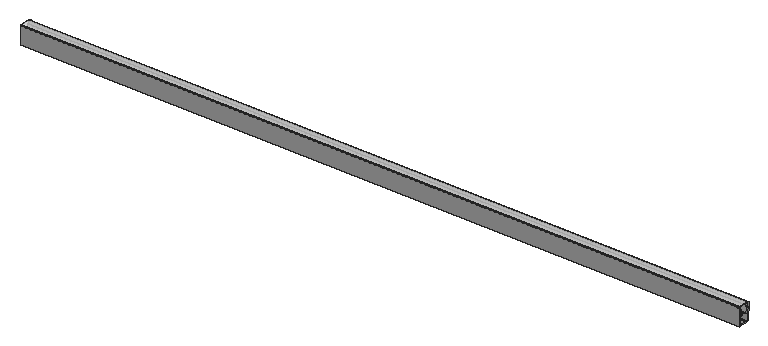
Revit family "2093125 Sylvania Lighting Fixture MC2 3-6M 3K DALI WHT OPAL Recessed", category Lighting Fixtures, host Face, Revit 2016
Family settings
  Host = Face
  Part Type = Normal
  Round Connector Dimension = Use Diameter
  OmniClass Number = 23.80.70.11.17
  OmniClass Title = Specialized Lighting by Location or Use
  Cut with Voids When Loaded = No
  Light Source = Yes
  Shared = No
  Room Calculation Point = No
Parameters (values of type "2093125 MC2 3.6M 3K DALI WHT OPAL Recessed")
  Width_SYL = 54.0 mm
  Weight = "7.5 kg"
  Wattage = 63 W
  WarrantyStartDate [instance] = "n/a"
  WarrantyGuarantorParts = "n/a"
  WarrantyDurationUnit = "n/a"
  WarrantyDurationParts = "n/a"
  WarrantyDescription = "n/a"
  built-in parameter 1150110 = 1 (stored number, unit not read)
  Voltage = 0 V
  VoidLengthRight_SYL [instance] = if(EndCapRight_SYL, Length_SYL / 2 + 2.0 mm, Length_SYL / 2)  # 1800.0 mm
  VoidLengthLeft_SYL [instance] = if(EndCapLeft_SYL, Length_SYL / 2 + 2.0 mm, Length_SYL / 2)  # 1800.0 mm
  URL = "http://www.sylvania-lighting.com"
  TypeName = "MC2 3.6M 3K DALI WHT OPAL Recessed"
  built-in parameter 1114217 = 1 (stored number, unit not read)
  Tilt Angle = -90.00°
  built-in parameter 1150109 = 1 (stored number, unit not read)
  built-in parameter 1150134 = (empty or 0)
  built-in parameter 1150113 = 1 (stored number, unit not read)
  SerialNumber [instance] = "n/a"
  PowerFactor = 0.98
  PowerConsumption = "63 W"
  NominalWidth = 0.0 mm
  NominalLength = 3600.0 mm
  NominalHeight = 86.0 mm
  Name = "MC2 3.6M 3K DALI WHT OPAL Recessed"
  ModelReference = "MC2 3.6M 3K DALI WHT OPAL Recessed"
  ModelNumber = "2093125"
  Material_3_SYL = Metal_Sylvania_Mini Contiuum II_Silver
  Photometric Web File = "2093125.ies"
  Material_4_SYL = Metal_Sylvania_Mini Contiuum II_Silver
  Material = "aluminium housing, polycarbonate diffuser"
  ManufacturerName = "Feilo Sylvania"
  LuminousEfficacy = "105 lm/W"
  LuminaireType = ""
  LightOutputRatio = "100"
  Length_SYL = 3600.0 mm
  LampsType = Lamp  # "LED"
  LampNominalLuminous = "6621 lm"
  LampMacAdamStep = "3"
  LampColourTemperature = "3000 K"
  LampColourRenderingIndex = "80"
  Keynote = "16500"
  InstallationDate [instance] = "n/a"
  InputVoltage = "n/a"
  InputNominalFrequency = "n/a"
  IngressProtection = "IP20"
  ImpactProtectionIndex = "n/a"
  IfcExportType = "IfcLightFixtureType"
  IfcExportAs = "IfcLightFixtureType"
  Height_SYL = 86.0 mm
  ExpectedLife = 50000
  EndCapRight_SYL [instance] = no
  EndCapLeft_SYL [instance] = no
  Emit from Rectangle Width = Width_SYL - 2.0 mm  # 52.0 mm
  Emit from Rectangle Length = Length_SYL  # 3600.0 mm
  Emit Shape Visible in Rendering = no
  ElectricShockClassification = "Class I"
  DurationUnit = "hours"
  DocumentationLiterature = "http://www.sylvania-lighting.com/product/en-int/products/2093125"
  DimmingControlOptions = "n/a"
  CreatedOn = "10/15/2018"
  CreatedBy = "@sylvania-lighting.com"
  built-in parameter 1114216 [instance] = 1 (stored number, unit not read)
  Model = "MC2 3.6M 3K DALI WHT OPAL Recessed"
  Manufacturer = "Feilo Sylvania"
  built-in parameter 1150105 = 526.4 (stored number, unit not read)
  Lumens = 6615 lm
  built-in parameter 1150115 = 1 (stored number, unit not read)
  built-in parameter 1150137 = (empty or 0)
  built-in parameter 1150139 = (empty or 0)
  built-in parameter 1150112 = 1 (stored number, unit not read)
  built-in parameter 1150114 = 1 (stored number, unit not read)
  Lamp = "LED"
  built-in parameter 1150132 = 2
  built-in parameter 1150102 = (empty or 0)
  built-in parameter 1150107 = 3000 (stored number, unit not read)
  built-in parameter 1150138 = (empty or 0)
  built-in parameter 1150106 = 5.264 (stored number, unit not read)
  Material_1_SYL = Metal_Sylvania_Mini Continuum II_White
  built-in parameter 1150104 = 9.7548 (stored number, unit not read)
  Dimming Lamp Color Temperature Shift = <None>
  Material_2_SYL = Polycarbonate_Sylvania_Mini Continuum II_Opal_4000K
  Description = "2093125   MC2 3.6M 3K DALI WHT OPAL  Continuous lines of LED light, white RAL 9016, direct distribution, trimless detail for a seamless finish, suitable for recessed, semi-recessed, surface-mounted or suspended installation either horizontally or vertically, various accessories available, compact and minimalist design based on the Golden Mean, ideal for offices, meeting rooms, corridors, education facilities, museums and libraries, extruded aluminium body, diffuser: opal, colour temperature: 3000K warm white, total system power: 63W, total fixture output: 6621lm, luminaire efficacy: 105lm/W, LOR: 100%, colour rendering: Ra >80, LED Chromacity: 1 step MacAdam ellipse, lifetime: 60,000 hours at 90% of the original output (L90), energy class: A++, A+, A, IR/UV free light source without heat radiation, operating voltage: 220-240V / 50-60Hz, drive current: 800mA, electronic driver, DALI dimmable, electrical protection: CLASS I, IP20, suitable for internal environment only."
  Default Elevation = 0.0 mm
  Color Filter = 16777215
  built-in parameter 1140040 [instance] = 1
  BarCode [instance] = "n/a"
  built-in parameter 1114218 = 1 (stored number, unit not read)
  built-in parameter 1150133 = 10 (stored number, unit not read)
  AssetType = "Fixed"
  AssetIdentifier [instance] = "n/a"
  Assembly Code = "D5020200"
  Apparent Load = 63 VA
Reference planes
  plane 1 "Center (Front/Back)": y = 0
  plane 2 "Bottom Fixtures": z = 0
  plane 3 "Center (Left/Right)": x = 0
  plane 4 "Fixture Left": x = -1800
  plane 5 "Fixture Right": x = 1800
  plane 6 "Fixture Bottom": z = 0
  plane 7: z = -2
  plane 8: z = -4
  plane 9: z = -13.049
  plane 10: z = -43.049
  plane 11 "Fixture Top": z = -86
  plane 12 "Mounting Right": x = 1772
  plane 13 "Mounting Left": x = -1772
  plane 14: z = -121
  plane 15: y = 27
  plane 16: y = -27
  plane 17: y = -26
  plane 18: y = -25
  plane 19: y = 26
  plane 20: y = 25
  plane 21: y = 11
  plane 22: y = -11
  plane 23: y = 24
  plane 24: y = 22
  plane 25: y = -22
  plane 26: y = 15
  plane 27: y = -15
  plane 28 "Upper Diffuser Left": x = -1650
  plane 29 "Upper Diffuser Right": x = 1650
  plane 30: x = -1802
  plane 31: x = 1802
  plane 32: x = -1800
  plane 33: x = 1800
Forms (mm)
  Extrusion 1, solid, material "Metal_Sylvania_Mini Continuum II_White" <- "Material_1_SYL", detail levels fine
    sketch origin (0, 0, 520) x (0, 1, 0) y (0, 0, 1)
      loop
        line (27, -520) -> (26, -520) -> (26, -522) -> (25, -522) -> (25, -604) -> (13, -604) -> (13, -602) -> (-13, -602) -> (-13, -604) -> (-25, -604) -> (-25, -522) -> (-26, -522) -> (-26, -520) -> (-27, -520) -> (-27, -606) -> (-11, -606) -> (-11, -604) -> (11, -604) -> (11, -606) -> (27, -606) -> (27, -520)
    from -1800 to 1800
  Extrusion 2, solid, material "Polycarbonate_Sylvania_Mini Continuum II_Opal_4000K" <- "Material_2_SYL", detail levels fine
    sketch origin (0, 0, 520) x (0, 1, 0) y (0, 0, 1)
      loop
        line (-26, -520) -> (-26, -522) -> (26, -522) -> (26, -520) -> (-26, -520)
    from -1800 to 1800
  Extrusion 3, solid, material "Metal_Sylvania_Mini Contiuum II_Silver" <- "Material_3_SYL", detail levels fine
    sketch origin (0, 0, 520) x (0, 1, 0) y (0, 0, 1)
      loop
        line (22, -533.049) -> (20.973, -533.049) -> (14.206, -562.049) -> (11, -562.049) -> (11, -563.049) -> (15, -563.049) -> (22, -533.049)
      loop
        line (-15, -563.049) -> (-11, -563.049) -> (-11, -562.049) -> (-14.206, -562.049) -> (-20.973, -533.049) -> (-22, -533.049) -> (-15, -563.049)
    from -1800 to 1800
  Extrusion 4, solid, material "Metal_Sylvania_Mini Continuum II_White" <- "Material_1_SYL", detail levels coarse+medium
    sketch origin (0, 0, 520) x (0, 1, 0) y (0, 0, 1)
      loop
        line (-27, -520) -> (-27, -606) -> (27, -606) -> (27, -520) -> (-27, -520)
    from -1800 to 1800
  Extrusion 5, solid, material "Metal_Sylvania_Mini Continuum II_White" <- "Material_1_SYL", visible <- "EndCapLeft_SYL"
    sketch origin (-1800, 171.684, 1219.2) x (0, 1, 0) y (0, 0, 1)
      loop
        line (-198.684, -1305.2) -> (-144.684, -1305.2) -> (-144.684, -1219.2) -> (-198.684, -1219.2) -> (-198.684, -1305.2)
    from 0 to -2
  Extrusion 6, solid, material "Metal_Sylvania_Mini Continuum II_White" <- "Material_1_SYL", visible <- "EndCapRight_SYL"
    sketch origin (1800, 171.684, 1219.2) x (0, 1, 0) y (0, 0, -1)
      loop
        line (-144.684, 1219.2) -> (-144.684, 1305.2) -> (-198.684, 1305.2) -> (-198.684, 1219.2) -> (-144.684, 1219.2)
    from 0 to -2
  Extrusion 7, void
    sketch origin (0, 0, 0) x (1, 0, 0) y (0, 1, 0)
      loop
        line (-1800, 27) -> (-1800, -27) -> (1800, -27) -> (1800, 27) -> (-1800, 27)
    from 0 to -86
Lines and regions (mm)
  Masking region 1
    outline origin (0, 0, -86) x (-1, 0, 0) y (0, -1, 0)
      loop
        line (1800, -27) -> (1800, 27) -> (-1800, 27) -> (-1800, -27) -> (1800, -27)
  symbolic lines, detail levels fine
    curve 1: line (-1800, 26, -86) -> (1800, 26, -86)
    curve 2: line (-1800, -26, -86) -> (1800, -26, -86)
Dimensions and locks
  host sketch curve to plane 3 "Center (Left/Right)" to host sketch curve = 820.0 mm, 775.047 mm
  equal spacing: plane 4 "Fixture Left", plane 3 "Center (Left/Right)", plane 5 "Fixture Right"
  "Length_SYL": plane 4 "Fixture Left" to plane 5 "Fixture Right"
  plane 6 "Fixture Bottom" to plane 7 to plane 8 to plane 9 to plane 10 = 2.0 mm locked, 2.0 mm locked, 9.049 mm locked, 30.0 mm locked
  locked: Extrusion 1 sketch curve to Extrusion 1 sketch curve at 2
  locked: Extrusion 1 sketch curve to plane 11 "Fixture Top" at 2
  "Height_SYL": plane 6 "Fixture Bottom" to plane 11 "Fixture Top"
  locked: plane 12 "Mounting Right" to plane 5 "Fixture Right" at 28
  locked: plane 4 "Fixture Left" to plane 13 "Mounting Left" at 28
  locked: plane 11 "Fixture Top" to plane 14 at 35
  plane 6 "Fixture Bottom" to plane 2 "Bottom Fixtures" = 0.0 mm
  equal spacing: plane 15, plane 1 "Center (Front/Back)", plane 16
  "Width_SYL": plane 15 to plane 16
  plane 22 to plane 27 to plane 25 to plane 18 to plane 17 to plane 16 = 4.0 mm locked, 7.0 mm locked, 3.0 mm locked, 1.0 mm locked, 1.0 mm locked
  plane 15 to plane 19 to plane 20 to plane 23 to plane 24 to plane 26 to plane 21 = 1.0 mm locked, 1.0 mm locked, 1.0 mm locked, 2.0 mm locked, 7.0 mm locked, 4.0 mm locked
  locked: plane 4 "Fixture Left" to plane 28 "Upper Diffuser Left" at 150
  locked: plane 29 "Upper Diffuser Right" to plane 5 "Fixture Right" at 150
  equal spacing: plane 30, plane 3 "Center (Left/Right)", plane 31
  locked: plane 30 to plane 4 "Fixture Left" at 2
  plane 3 "Center (Left/Right)" to plane 33 = 1800.0 mm
  "VoidLengthLeft_SYL": plane 32 to plane 3 "Center (Left/Right)"
  "VoidLengthRight_SYL": plane 3 "Center (Left/Right)" to plane 33
  aligned and locked: plane 2 "Bottom Fixtures" to host face
  aligned and locked: level to host face
  aligned and locked: plane 5 "Fixture Right" to curve 1
  aligned and locked: plane 4 "Fixture Left" to curve 1
  aligned and locked: plane 4 "Fixture Left" to curve 2
  aligned and locked: plane 5 "Fixture Right" to curve 2
  aligned and locked: Extrusion 1 sketch curve to plane 7
  aligned and locked: plane 6 "Fixture Bottom" to Extrusion 1 sketch curve  (x2)
  aligned and locked: plane 7 to Extrusion 1 sketch curve
  aligned and locked: Extrusion 1 to Extrusion 2 sketch curve
  aligned and locked: Extrusion 2 sketch curve to Extrusion 1  (x3)
  aligned and locked: Extrusion 3 sketch curve to plane 10
  aligned and locked: plane 9 to Extrusion 3 sketch curve
  aligned and locked: Extrusion 3 sketch curve to plane 9
  aligned and locked: Extrusion 4 sketch curve to plane 6 "Fixture Bottom"
  aligned and locked: Extrusion 4 to plane 4 "Fixture Left"
  aligned and locked: Extrusion 2 to plane 4 "Fixture Left"
  aligned and locked: Extrusion 3 to plane 4 "Fixture Left"
  aligned and locked: Extrusion 1 to plane 4 "Fixture Left"
  aligned and locked: Extrusion 4 to plane 5 "Fixture Right"
  aligned and locked: Extrusion 2 to plane 5 "Fixture Right"
  aligned and locked: Extrusion 3 to plane 5 "Fixture Right"
  aligned and locked: Extrusion 1 to plane 5 "Fixture Right"
  aligned and locked: plane 11 "Fixture Top" to Extrusion 4 sketch curve
  aligned and locked: Extrusion 1 sketch curve to plane 11 "Fixture Top"  (x2)
  aligned and locked: Extrusion 1 sketch curve to Extrusion 1 sketch curve
  aligned and locked: plane 6 "Fixture Bottom" to imposter light
  aligned and locked: plane 21 to Extrusion 3 sketch curve
  aligned and locked: plane 22 to Extrusion 3 sketch curve
  aligned and locked: Extrusion 5 sketch curve to Extrusion 4  (x4)
  aligned and locked: Extrusion 5 to plane 30
  aligned and locked: plane 4 "Fixture Left" to Extrusion 5
  aligned and locked: Extrusion 6 sketch curve to Extrusion 4  (x4)
  aligned and locked: plane 31 to Extrusion 6
  aligned and locked: plane 5 "Fixture Right" to Extrusion 6
  aligned and locked: Extrusion 7 sketch curve to Extrusion 5
  aligned and locked: Extrusion 7 sketch curve to Extrusion 6
  aligned and locked: Extrusion 7 to level
  aligned and locked: Extrusion 7 to plane 2 "Bottom Fixtures"
  aligned and locked: Extrusion 7 to plane 32
  aligned and locked: plane 33 to Extrusion 7
  aligned and locked: imposter light to plane 1 "Center (Front/Back)"
  aligned and locked: plane 3 "Center (Left/Right)" to imposter light
  aligned and locked: Extrusion 7 to Extrusion 1
Automatic sketch dimensions
  host sketch curve to host sketch curve = 1047.463 mm
  plane 19 to curve 1 = 0.0 mm
  curve 2 to plane 17 = 0.0 mm
  Masking region 1 sketch curve to plane 5 "Fixture Right" = 0.0 mm
  Masking region 1 sketch curve to plane 4 "Fixture Left" = 0.0 mm
  plane 15 to Masking region 1 sketch curve = 0.0 mm
  Masking region 1 sketch curve to plane 16 = 0.0 mm
  Extrusion 1 sketch curve to plane 16 = 0.0 mm
  Extrusion 1 sketch curve to plane 17 = 0.0 mm
  Extrusion 1 sketch curve to plane 18 = 0.0 mm
  Extrusion 1 sketch curve to plane 22 = 0.0 mm
  Extrusion 1 sketch curve to plane 21 = 0.0 mm
  Extrusion 1 sketch curve to plane 20 = 0.0 mm
  Extrusion 1 sketch curve to plane 19 = 0.0 mm
  Extrusion 1 sketch curve to plane 15 = 0.0 mm
  plane 11 "Fixture Top" to Extrusion 1 sketch curve = 2.0 mm
  Extrusion 1 sketch curve to plane 22 = 2.0 mm
  Extrusion 1 sketch curve to plane 21 = 2.0 mm
  Extrusion 3 sketch curve to plane 25 = 0.0 mm
  Extrusion 3 sketch curve to plane 27 = 0.0 mm
  Extrusion 3 sketch curve to plane 26 = 0.0 mm
  Extrusion 3 sketch curve to plane 24 = 0.0 mm
  plane 10 to Extrusion 3 sketch curve = 1.0 mm
  Extrusion 3 sketch curve to Extrusion 3 sketch curve = 1.027 mm
  plane 27 to Extrusion 3 sketch curve = 0.794 mm
  plane 26 to Extrusion 3 sketch curve = 0.794 mm
  plane 24 to Extrusion 3 sketch curve = 1.027 mm
  Extrusion 4 sketch curve to plane 16 = 0.0 mm
  Extrusion 4 sketch curve to plane 15 = 0.0 mm
  Extrusion 3 sketch curve to Extrusion 3 sketch curve = 0.0 mm
  Extrusion 3 sketch curve to plane 10 = 0.0 mm
  plane 30 to Extrusion 7 sketch curve = 2.0 mm
  Extrusion 7 sketch curve to plane 31 = 2.0 mm
Connectors
  electrical at (1800, 0, -51), driven by "Apparent Load"
    settings: on Extrusion 1, index 1, voltage 230 V, apparent load 0 VA, apparent load phase1 63 VA, apparent load phase2 0 VA, apparent load phase3 0 VA, power factor 1, load classification "Lighting", number of poles 1, system type 31, power factor state 1, is connector primary yes, connector utility no, sub classification motor no, connector description ""
